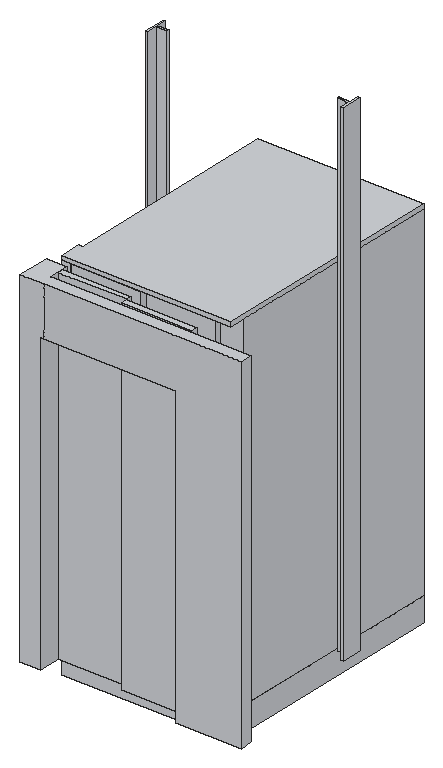
Revit family "Электрический лифт- стеновой", category Специальное оборудование, Revit 2012
Parameters (values of type "1300 x 950 мм")
  Ширина = 950 mm
  Изготовитель = "Revit"
  Высота уровня = 3000 mm
  Длина = 1300 mm
  Материал двери = none
  D1 = 520 mm
  Код по классификатору = "D1010"
Types (3, lengths in mm): name | Ширина | Длина | D1
  1300 x 950 мм | 950 | 1300 | 520
  1400 x 1100 мм | 1100 | 1400 | 620
  2100 x 1100 мм | 1100 | 2100 | 1000
Reference planes
  plane 1: y = 0
  plane 2 "По центру (Влево/Вправо)": x = 125
  plane 3 "Назад": y = 100
  plane 4: x = -465.004
  plane 5: x = 875
  plane 6: z = 3000
Forms (mm)
  Extrusion 1, solid, material <- "Материал двери"
    sketch origin (0, -115, 0) x (1, 0, 0) y (0, 1, 0)
      loop
        line (74, 325.86) -> (74, 289.86) -> (498, 289.86) -> (498, 325.86) -> (74, 325.86)
      loop
        line (-340.003, 281) -> (-340.003, 245) -> (80, 245) -> (80, 281) -> (-340.003, 281)
      loop
        line (75, 179.5) -> (-340, 179.5) -> (-340, 143.5) -> (75, 143.5) -> (75, 179.5)
      loop
        line (505, 138) -> (79, 138) -> (79, 102) -> (505, 102) -> (505, 138)
    from 0 to 2100
  Extrusion 2, solid
    sketch origin (0, 0, 0) x (1, 0, 0) y (0, 1, 0)
      loop
        line (-465.004, -100) -> (-325.004, -100) -> (875, -100) -> (875, -25.421) -> (-342.004, -25.421) -> (-342.004, 100) -> (-465.004, 100) -> (-465.004, -100)
    from 0 to 2100
  Extrusion 3, void
    sketch origin (-325.004, -100, 2100) x (0, 0, 1) y (1, 0, 0)
      loop
        line (-2100, -17) -> (-300, -17) -> (-300, 800.004) -> (-2100, 800.004) -> (-2100, -17)
    from 0 to 200
  Extrusion 4, solid
    sketch origin (0, 0, 0) x (1, 0, 0) y (0, 1, 0)
      loop
        line (-375, 1590) -> (-375, 260.001) -> (-400, 260.001) -> (-400, 130) -> (-342.004, 130) -> (-342.004, 214.002) -> (-317.004, 214.002) -> (-317.004, 260.001) -> (-350, 260.001) -> (-350, 810) -> (-335.239, 810) -> (-335.239, 1040) -> (-350, 1040) -> (-350, 1560) -> (600, 1560) -> (600, 260) -> (475, 260) -> (475, 232.175) -> (625, 232.175) -> (625, 1590) -> (-375, 1590)
    from 0 to 2100
  Extrusion 5, solid
    sketch origin (0, 0, 2100) x (1, 0, 0) y (0, 1, 0)
      loop
        line (-375, 1590) -> (-375, 260.001) -> (-400, 260.001) -> (-400, 130) -> (625, 130) -> (625, 1590) -> (-375, 1590)
    from 0 to 25
  Extrusion 6, solid
    sketch origin (0, 0, 0) x (1, 0, 0) y (0, 1, 0)
      loop
        line (625, 1590) -> (-375, 1590) -> (-375, 260.001) -> (-400, 260.001) -> (-400, 130) -> (625, 130) -> (625, 1590)
    from -150 to 0
  Extrusion 7, solid, detail levels medium+fine
    sketch origin (0, 0, 0) x (1, 0, 0) y (0, 1, 0)
      loop
        line (-392.021, 931.196) -> (-457.107, 931.196) -> (-460.021, 988.5) -> (-473.021, 988.5) -> (-473.021, 861.5) -> (-460.021, 861.5) -> (-457.021, 918.7) -> (-392.021, 918.7) -> (-392.021, 931.196)
      loop
        line (642.021, 918.7) -> (707.021, 918.7) -> (710.021, 861.5) -> (723.021, 861.5) -> (723.021, 988.5) -> (710.021, 988.5) -> (707.107, 931.196) -> (642.021, 931.196) -> (642.021, 918.7)
    from 0 to 3000
Cuts and joins
  Extrusion 3 cuts Extrusion 2
Lines and regions (mm)
  Opening 1
    outline origin (-5000, -100, 0) x (1, 0, 0) y (0, 0, 1)
      loop
        line (5875, 0) -> (5875, 2100) -> (4534.996, 2100) -> (4534.996, 0) -> (5875, 0)
  symbolic lines, style "InvisibleLines"
    curve 1: line (-534, 100, 0) -> (-534, 1640, 0)
    curve 2: line (-534, 1640, 0) -> (1016, 1640, 0)
    curve 3: line (1016, 1640, 0) -> (1016, 100, 0)
  symbolic lines, style "SpecialityEquipment", detail levels fine
    curve 4: line (804.672, 1590.548, 0) -> (854.672, 1590.548, 0)
    curve 5: line (854.672, 1590.548, 0) -> (854.672, 1584.548, 0)
    curve 6: line (854.672, 1584.548, 0) -> (832.672, 1584.548, 0)
    curve 7: line (832.672, 1584.548, 0) -> (832.672, 1541.048, 0)
    curve 8: line (832.672, 1541.048, 0) -> (826.672, 1541.048, 0)
    curve 9: line (826.672, 1541.048, 0) -> (826.672, 1584.548, 0)
    curve 10: line (826.672, 1584.548, 0) -> (804.672, 1584.548, 0)
    curve 11: line (804.672, 1584.548, 0) -> (804.672, 1590.548, 0)
    curve 16: line (829.672, 1011.042, 0) -> (829.672, 1590.548, 0)
    curve 67: line (804.672, 1011.042, 0) -> (854.672, 1011.042, 0)
    curve 68: line (854.672, 1011.042, 0) -> (854.672, 1017.042, 0)
    curve 69: line (854.672, 1017.042, 0) -> (832.672, 1017.042, 0)
    curve 70: line (832.672, 1017.042, 0) -> (832.672, 1060.542, 0)
    curve 71: line (832.672, 1060.542, 0) -> (826.672, 1060.542, 0)
    curve 72: line (826.672, 1060.542, 0) -> (826.672, 1017.042, 0)
    curve 73: line (826.672, 1017.042, 0) -> (804.672, 1017.042, 0)
    curve 74: line (804.672, 1017.042, 0) -> (804.672, 1011.042, 0)
  symbolic lines, style "SpecialityEquipment"
    curve 12: line (884.673, 1084.828, 0) -> (774.672, 1084.828, 0)
    curve 13: line (774.672, 1084.828, 0) -> (774.672, 1521.045, 0)
    curve 14: line (774.672, 1521.045, 0) -> (884.673, 1521.045, 0)
    curve 15: line (884.673, 1521.045, 0) -> (884.673, 1084.828, 0)
  symbolic lines, style "SpecialityEquipment", detail levels medium+fine
    curve 17: line (625, 232.175, 0) -> (625, 1590, 0)
    curve 18: line (625, 1590, 0) -> (-375, 1590, 0)
    curve 19: line (-375, 1590, 0) -> (-375, 260.001, 0)
    curve 20: line (-350, 1040, 0) -> (-350, 1560, 0)
    curve 21: line (-350, 1560, 0) -> (600, 1560, 0)
    curve 22: line (600, 1560, 0) -> (600, 260, 0)
    curve 23: line (-350, 260.001, 0) -> (-350, 810, 0)
    curve 24: line (-335.239, 1040, 0) -> (-375, 1040, 0)
    curve 25: line (-335.239, 810, 0) -> (-335.239, 1040, 0)
    curve 26: line (-375, 810, 0) -> (-335.239, 810, 0)
  symbolic lines, detail levels medium+fine
    curve 27: line (-342.004, 130, 0) -> (-342.004, 214.002, 0)
    curve 28: line (-342.004, 214.002, 0) -> (-317.004, 214.002, 0)
    curve 29: line (-317.004, 214.002, 0) -> (-317.004, 260.001, 0)
    curve 30: line (-317.004, 260.001, 0) -> (-400, 260.001, 0)
    curve 31: line (-400, 260.001, 0) -> (-400, 130, 0)
    curve 32: line (74, 174.86, 0) -> (74, 210.86, 0)
    curve 33: line (74, 210.86, 0) -> (498, 210.86, 0)
    curve 34: line (498, 210.86, 0) -> (498, 174.86, 0)
    curve 35: line (498, 174.86, 0) -> (74, 174.86, 0)
    curve 36: line (-340.003, 165.999, 0) -> (80, 165.999, 0)
    curve 37: line (80, 165.999, 0) -> (80, 129.999, 0)
    curve 38: line (-340.003, 129.999, 0) -> (-340.003, 165.999, 0)
    curve 39: line (75, 64.5, 0) -> (-340, 64.5, 0)
    curve 40: line (-340, 64.5, 0) -> (-340, 28.5, 0)
    curve 41: line (-340, 28.5, 0) -> (75, 28.5, 0)
    curve 42: line (75, 28.5, 0) -> (75, 64.5, 0)
    curve 43: line (505, 23, 0) -> (79, 23, 0)
    curve 44: line (79, 23, 0) -> (79, -13, 0)
    curve 45: line (79, -13, 0) -> (505, -13, 0)
    curve 46: line (505, -13, 0) -> (505, 23, 0)
    curve 47: line (-342.004, 74.579, 0) -> (-342.004, -25.421, 0)
    curve 48: line (-342.004, -25.421, 0) -> (-325.004, -25.421, 0)
    curve 49: line (-325.004, -25.421, 0) -> (-325.004, -95.421, 0)
    curve 50: line (-325.004, -95.421, 0) -> (-465.004, -95.421, 0)
    curve 51: line (-465.004, -95.421, 0) -> (-465.004, 74.579, 0)
    curve 52: line (-465.004, 74.579, 0) -> (-342.004, 74.579, 0)
    curve 53: line (-400, 130, 0) -> (-342.004, 130, 0)
    curve 54: line (-340.003, 129.999, 0) -> (80, 129.999, 0)
    curve 55: line (-342.004, 74.579, 0) -> (875, 74.579, 0)
    curve 56: line (875, 74.579, 0) -> (875, -25.422, 0)
    curve 57: line (875, -25.422, 0) -> (615, -25.422, 0)
    curve 58: line (615, -25.422, 0) -> (615, -69.545, 0)
    curve 59: line (615, -69.545, 0) -> (475, -69.545, 0)
    curve 60: line (475, -69.545, 0) -> (475, -25.422, 0)
    curve 61: line (475, -25.422, 0) -> (615, -25.422, 0)
    curve 62: line (625, 232.175, 0) -> (475, 232.175, 0)
    curve 63: line (475, 232.175, 0) -> (475, 260, 0)
    curve 64: line (475, 260, 0) -> (600, 260, 0)
    curve 65: line (675, 260, 0) -> (675, 130, 0)
    curve 66: line (675, 130, 0) -> (80, 130, 0)
    curve 75: line (710.021, 988.5, 0) -> (723.021, 988.5, 0)
    curve 76: line (707.107, 931.196, 0) -> (710.021, 988.5, 0)
    curve 77: line (723.021, 988.5, 0) -> (723.021, 861.5, 0)
    curve 78: line (642.021, 931.196, 0) -> (707.107, 931.196, 0)
    curve 79: line (642.021, 931.196, 0) -> (642.021, 918.7, 0)
    curve 80: line (642.021, 918.7, 0) -> (707.021, 918.7, 0)
    curve 81: line (707.021, 918.7, 0) -> (710.021, 861.5, 0)
    curve 82: line (710.021, 861.5, 0) -> (723.021, 861.5, 0)
    curve 83: line (-460.021, 988.5, 0) -> (-473.021, 988.5, 0)
    curve 84: line (-457.107, 931.196, 0) -> (-460.021, 988.5, 0)
    curve 85: line (-473.021, 988.5, 0) -> (-473.021, 861.5, 0)
    curve 86: line (-392.021, 931.196, 0) -> (-457.107, 931.196, 0)
    curve 87: line (-392.021, 931.196, 0) -> (-392.021, 918.7, 0)
    curve 88: line (-392.021, 918.7, 0) -> (-457.021, 918.7, 0)
    curve 89: line (-457.021, 918.7, 0) -> (-460.021, 861.5, 0)
    curve 90: line (-460.021, 861.5, 0) -> (-473.021, 861.5, 0)
    curve 91: line (625, 260, 0) -> (675, 260, 0)
    curve 98: line (-465.004, 100, 0) -> (875, 100, 0)
  symbolic lines, detail levels coarse
    curve 92: line (-350, 1560, 0) -> (600, 1560, 0)
    curve 93: line (600, 1560, 0) -> (600, 260, 0)
    curve 94: line (-350, 260.001, 0) -> (-350, 1560, 0)
    curve 95: line (-350, 260, 0) -> (600, 260, 0)
    curve 96: line (-350, 1560, 0) -> (600, 260, 0)
    curve 97: line (600, 1560, 0) -> (-350, 260.001, 0)
Text (mm)
  text "Сторона размещения" at (-2223.83, 916.262, 0), in view "Опорный уровень "
  text "Сторона размещения" at (0, 1605.175, 2923.955), in view "Слева"
  text "Сторона размещения" at (0, 595.982, 3004.978), in view "Справа"
Dimensions and locks
  locked: plane 3 "Назад" to host wall at 0
  plane 3 "Назад" to curve 2 = 1540 mm
  curve 1 to curve 3 = 1550 mm
  curve 13 to curve 15 = 110.002 mm
  curve 12 to curve 14 = 436.217 mm  (x2)
  locked: curve 19 to curve 20 at 25
  locked: curve 21 to curve 18 at 30
  locked: curve 22 to curve 17 at 25
  locked: curve 19 to curve 25 at 39.761
  locked: curve 24 to curve 26 at 230
  curve 32 to curve 34 = 424 mm
  locked: curve 35 to curve 33 at 36
  locked: curve 54 to curve 36 at 36
  locked: curve 41 to curve 39 at 36
  locked: curve 43 to curve 45 at 36
  equal spacing: curve 31, plane 4, curve 1
  locked: curve 17 to curve 13 at 149.672
  locked: curve 19 to curve 23 at 25
  "Ширина": curve 20 to curve 22
  locked: curve 66 to curve 54 at 0
  locked: curve 66 to curve 64 at 130.001
  locked: curve 57 to curve 55 at 100
  plane 3 "Назад" to curve 64 = 160 mm
  locked: curve 2 to curve 18 at 50
  locked: curve 1 to curve 19 at 159
  locked: curve 17 to curve 3 at 391
  locked: curve 30 to curve 53 at 130.001
  locked: curve 50 to curve 52 at 170
  curve 31 to curve 27 to curve 29 = 57.996 mm locked, 25 mm locked
  locked: curve 47 to curve 49 at 17
  curve 60 to curve 58 to curve 56 = 140 mm locked, 260 mm locked
  locked: curve 30 to curve 64 at 0
  "Длина": curve 64 to curve 21
  locked: curve 31 to curve 19 at 25
  locked: curve 80 to curve 78 at 12.496
  locked: curve 79 to curve 77 at 81
  locked: curve 82 to curve 75 at 127
  locked: curve 17 to curve 79 at 17.021
  locked: curve 88 to curve 86 at 12.496
  locked: curve 90 to curve 83 at 127
  locked: curve 87 to curve 19 at 17.021
  equal spacing: curve 20, plane 2 "По центру (Влево/Вправо)", curve 22
  locked: curve 14 to curve 2 at 118.955
  locked: curve 85 to curve 87 at 81
  locked: curve 85 to curve 86 at 15.914
  locked: curve 85 to curve 89 at 16
  locked: curve 85 to curve 90 at 13
  locked: curve 85 to curve 84 at 13
  "D1": curve 21 to curve 24
  locked: curve 78 to curve 77 at 15.914
  locked: curve 76 to curve 77 at 13
  locked: curve 81 to curve 77 at 16
  locked: curve 82 to curve 77 at 13
  locked: curve 78 to curve 75 at 57.305
  locked: curve 59 to curve 61 at 44.123
  locked: curve 50 to curve 48 at 70
  "Ширина": curve 94 to curve 93
  "Длина": curve 95 to curve 92
  locked: curve 83 to curve 86 at 57.304
  "Высота уровня": level to plane 6
  equal spacing: curve 13, curve 16, curve 15
  locked: curve 11 to curve 5 at 50
  locked: curve 9 to curve 7 at 6
  locked: curve 13 to curve 11 at 30
  locked: curve 72 to curve 70 at 6
  locked: curve 74 to curve 68 at 50
  locked: curve 13 to curve 74 at 30
  locked: curve 74 to curve 72 at 22
  locked: curve 11 to curve 9 at 22
  aligned and locked: plane 1 to host wall
  aligned and locked: Extrusion 1 sketch curve to curve 33
  aligned and locked: Extrusion 1 sketch curve to curve 34
  aligned and locked: Extrusion 1 sketch curve to curve 35
  aligned and locked: Extrusion 1 sketch curve to curve 32
  aligned and locked: Extrusion 1 sketch curve to curve 36
  aligned and locked: Extrusion 1 sketch curve to curve 37
  aligned and locked: Extrusion 1 sketch curve to curve 54
  aligned and locked: Extrusion 1 sketch curve to curve 38
  aligned and locked: Extrusion 1 sketch curve to curve 39
  aligned and locked: Extrusion 1 sketch curve to curve 40
  aligned and locked: Extrusion 1 sketch curve to curve 41
  aligned and locked: Extrusion 1 sketch curve to curve 42
  aligned and locked: Extrusion 1 sketch curve to curve 43
  aligned and locked: Extrusion 1 sketch curve to curve 44
  aligned and locked: Extrusion 1 sketch curve to curve 45
  aligned and locked: Extrusion 1 sketch curve to curve 46
  aligned and locked: curve 27 to curve 47
  aligned and locked: curve 86 to curve 78
  aligned and locked: plane 5 to Opening 1 sketch curve
  aligned and locked: plane 4 to Extrusion 2 sketch curve
  aligned and locked: Extrusion 2 sketch curve to plane 5
  aligned and locked: Extrusion 4 sketch curve to curve 19
  aligned and locked: Extrusion 4 sketch curve to curve 18
  aligned and locked: Extrusion 4 sketch curve to curve 17
  aligned and locked: Extrusion 4 sketch curve to curve 62
  aligned and locked: Extrusion 4 sketch curve to curve 64
  aligned and locked: Extrusion 4 sketch curve to curve 22
  aligned and locked: Extrusion 4 sketch curve to curve 63
  aligned and locked: Extrusion 4 sketch curve to curve 21
  aligned and locked: Extrusion 4 sketch curve to curve 20
  aligned and locked: Extrusion 4 sketch curve to curve 25
  aligned and locked: Extrusion 4 sketch curve to curve 23
  aligned and locked: Extrusion 4 sketch curve to curve 24
  aligned and locked: curve 26 to Extrusion 4 sketch curve
  aligned and locked: Extrusion 4 sketch curve to curve 31
  aligned and locked: Extrusion 4 sketch curve to curve 30
  aligned and locked: Extrusion 4 sketch curve to curve 53
  aligned and locked: Extrusion 4 sketch curve to curve 27
  aligned and locked: Extrusion 4 sketch curve to curve 28
  aligned and locked: Extrusion 4 sketch curve to curve 29
  aligned and locked: Extrusion 5 sketch curve to Extrusion 4  (x6)
  aligned and locked: Extrusion 6 sketch curve to Extrusion 5  (x6)
  aligned and locked: Extrusion 7 sketch curve to curve 86
  aligned and locked: Extrusion 7 sketch curve to curve 84
  aligned and locked: Extrusion 7 sketch curve to curve 83
  aligned and locked: Extrusion 7 sketch curve to curve 85
  aligned and locked: Extrusion 7 sketch curve to curve 90
  aligned and locked: Extrusion 7 sketch curve to curve 89
  aligned and locked: Extrusion 7 sketch curve to curve 88
  aligned and locked: Extrusion 7 sketch curve to curve 87
  aligned and locked: Extrusion 7 sketch curve to curve 80
  aligned and locked: Extrusion 7 sketch curve to curve 81
  aligned and locked: Extrusion 7 sketch curve to curve 82
  aligned and locked: Extrusion 7 sketch curve to curve 77
  aligned and locked: Extrusion 7 sketch curve to curve 75
  aligned and locked: Extrusion 7 sketch curve to curve 76
  aligned and locked: Extrusion 7 sketch curve to curve 78
  aligned and locked: Extrusion 7 sketch curve to curve 79
  aligned and locked: Extrusion 7 to plane 6
  aligned and locked: Extrusion 7 to level
  aligned and locked: curve 51 to plane 4
  aligned: host wall to curve 1
  aligned: host wall to curve 3
  aligned and locked: Extrusion 2 sketch curve to plane 3 "Назад"
  aligned and locked: host wall to Extrusion 2 sketch curve
  aligned and locked: Extrusion 3 to Extrusion 2
Automatic sketch dimensions
  Opening 1 sketch curve to level = 0 mm
  Opening 1 sketch curve to plane 4 = 0 mm
  level to Opening 1 sketch curve = 2100 mm
  Extrusion 2 sketch curve to plane 4 = 123 mm
  Extrusion 2 sketch curve to Extrusion 2 sketch curve = 17 mm
  host wall to Extrusion 2 sketch curve = 25.421 mm
  Extrusion 3 sketch curve to level = 0 mm
  plane 5 to Extrusion 3 sketch curve = 400 mm
  level to Extrusion 3 sketch curve = 1800 mm
  Extrusion 3 sketch curve to plane 4 = 123 mm
  Extrusion 4 sketch curve to Extrusion 4 sketch curve = 0 mm
  curve 98 to host wall = 0 mm
  curve 98 to plane 4 = 0 mm
  curve 98 to plane 5 = 0 mm
  curve 56 to plane 5 = 0 mm
  curve 1 to host wall = 0 mm
  curve 3 to host wall = 0 mm
  curve 95 to curve 97 = 0 mm
  curve 27 to curve 38 = 2 mm
  curve 47 to curve 40 = 2.004 mm
  curve 33 to plane 2 "По центру (Влево/Вправо)" = 51 mm
  curve 42 to plane 2 "По центру (Влево/Вправо)" = 50 mm
  host wall to curve 45 = 13 mm
  curve 41 to curve 45 = 4 mm
  curve 32 to curve 36 = 6 mm
  curve 37 to curve 66 = 0 mm
  curve 63 to curve 33 = 23 mm
  curve 60 to curve 46 = 30 mm
  curve 17 to curve 65 = 50 mm
  host wall to curve 48 = 25.421 mm
  curve 40 to host wall = 28.5 mm
  curve 36 to curve 32 = 8.861 mm
  curve 29 to curve 29 = 45.999 mm
  curve 62 to curve 22 = 27.826 mm
  curve 17 to curve 91 = 27.826 mm
  curve 26 to curve 89 = 51.5 mm
  curve 68 to curve 12 = 73.786 mm
  curve 67 to curve 74 = 6 mm
  curve 67 to curve 69 = 6 mm
  curve 69 to curve 71 = 43.5 mm
  curve 13 to curve 8 = 20.003 mm
  curve 7 to curve 6 = 43.5 mm
  curve 9 to curve 6 = 0 mm
  curve 6 to curve 16 = 6 mm
